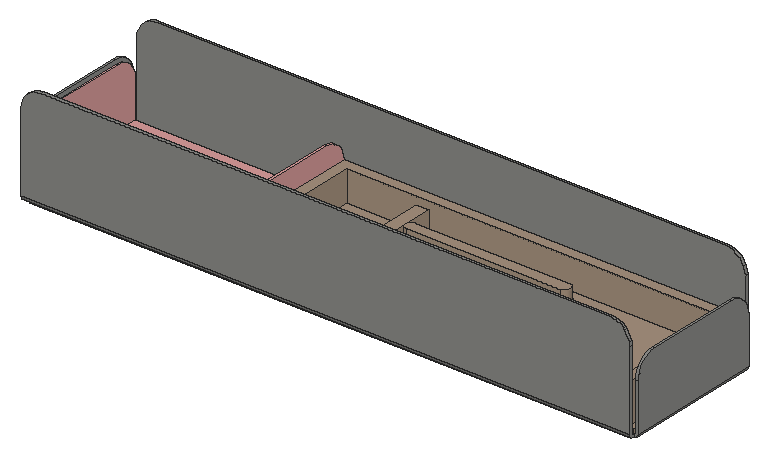
Revit family "Accessory-Teknion-EMOM-Organizers-R2016", category Furniture, Revit 2016 (continued)
Dimensions and locks (in)
  Sweep 9 sketch curve to Sweep 9 sketch curve to Sweep 9 sketch curve to Sweep 9 sketch curve to Sweep 9 sketch curve to Sweep 9 sketch curve to profile plane = 0.05657" locked, 0.500" locked, 2.33186" locked, 0.500" locked, 0.05657" locked, 0.000" locked
  Sweep 9 sketch curve to Sweep 9 sketch curve to Sweep 9 sketch curve to Sweep 9 sketch curve to Sweep 9 sketch curve to profile plane to Sweep 9 sketch curve = 0.250" locked, 0.500" locked, 0.000" locked, 1.28937" locked, 0.000" locked, 0.000" locked
  Sweep 10 sketch curve to Sweep 10 sketch curve to level = 0.11763" locked, 0.09937" locked
  locked: Sweep 10 sketch curve to plane 18 "Small Tray Right" at 0.05
  locked: plane 17 "Small Tray Left" to Sweep 10 sketch curve at 0.05
  locked: plane 20 "Small Tray Top" to Sweep 10 sketch curve at 0.0475
  locked: Sweep 10 sketch curve to plane 19 "Small Tray Bottom" at 0.0475
  locked: Sweep 11 sketch curve to level at 0.03937
  Sweep 11 sketch curve to Sweep 11 sketch curve to Sweep 11 sketch curve to Sweep 11 sketch curve to plane 19 "Small Tray Bottom" = 0.750" locked, 1.8825" locked, 0.750" locked, 0.03125" locked
  Sweep 11 sketch curve to Sweep 11 sketch curve to plane 3 "Center Left/Right" to Sweep 11 sketch curve to Sweep 11 sketch curve = 0.000" locked, 7.250" locked, 7.250" locked, 0.000" locked
  "Small Tray Divider Offset": plane 17 "Small Tray Left" to plane 21 "Small Tray Divider Offset"
  Sweep 12 sketch curve to Sweep 12 sketch curve to Sweep 12 sketch curve to Sweep 12 sketch curve to Sweep 12 sketch curve to profile plane to Sweep 12 sketch curve = 0.060" locked, 0.03125" locked, 4.9325" locked, 0.03105" locked, 0.0602" locked, 0.000" locked
  Sweep 12 sketch curve to Sweep 12 sketch curve to Sweep 12 sketch curve to Sweep 12 sketch curve to Sweep 12 sketch curve to Sweep 12 sketch curve to profile plane = 0.000" locked, 1.39495" locked, 0.000" locked, 0.03125" locked, 0.060" locked, 0.217" locked
  Sweep 13 sketch curve to plane 1 "Center Front/Back" to Sweep 13 sketch curve = 3.06375" locked, 6.62875" locked
  Sweep 13 sketch curve to Sweep 13 sketch curve to Sweep 13 sketch curve to profile plane to Sweep 13 sketch curve to Sweep 13 sketch curve to Sweep 13 sketch curve = 0.060" locked, 0.03125" locked, 7.40375" locked, 7.40375" locked, 0.03125" locked, 0.060" locked
  Sweep 13 sketch curve to Sweep 13 sketch curve to Sweep 13 sketch curve to Sweep 13 sketch curve to Sweep 13 sketch curve to Sweep 13 sketch curve to level = 0.000" locked, 1.65875" locked, 0.000" locked, 0.03125" locked, 0.060" locked, 0.03937" locked
  Sweep 14 sketch curve to plane 3 "Center Left/Right" to Sweep 14 sketch curve = 7.40375" locked, 7.40375" locked
  Sweep 14 sketch curve to Sweep 14 sketch curve to Sweep 14 sketch curve to profile plane to Sweep 14 sketch curve to Sweep 14 sketch curve to Sweep 14 sketch curve = 0.060" locked, 0.03125" locked, 6.62875" locked, 3.06375" locked, 0.03125" locked, 0.060" locked
  Sweep 14 sketch curve to Sweep 14 sketch curve to Sweep 14 sketch curve to Sweep 14 sketch curve to Sweep 14 sketch curve to Sweep 14 sketch curve to profile plane = 0.000" locked, 2.40875" locked, 0.000" locked, 0.03125" locked, 0.060" locked, 0.03937" locked
  plane 22 to plane 1 "Center Front/Back" to plane 23 = 7.000" locked, 7.000" locked
  Sweep 15 sketch curve to Sweep 15 sketch curve to Sweep 15 sketch curve to profile plane to Sweep 15 sketch curve to Sweep 15 sketch curve to Sweep 15 sketch curve = 0.11657" locked, 0.500" locked, 6.87843" locked, 6.87843" locked, 0.500" locked, 0.11657" locked
  Sweep 15 sketch curve to Sweep 15 sketch curve to Sweep 15 sketch curve to Sweep 15 sketch curve to profile plane to Sweep 15 sketch curve to Sweep 15 sketch curve = 0.67337" locked, 0.500" locked, 0.000" locked, 2.03937" locked, 0.000" locked, 0.000" locked
  Sweep 16 sketch curve to plane 3 "Center Left/Right" to Sweep 16 sketch curve = 8.000" locked, 8.000" locked
  Sweep 16 sketch curve to Sweep 16 sketch curve to Sweep 16 sketch curve to Sweep 16 sketch curve to Sweep 16 sketch curve to profile plane to Sweep 16 sketch curve = 0.250" locked, 0.500" locked, 2.315" locked, 0.500" locked, 0.065" locked, 0.185" locked
  Sweep 16 sketch curve to Sweep 16 sketch curve to Sweep 16 sketch curve to Sweep 16 sketch curve to profile plane to Sweep 16 sketch curve to Sweep 16 sketch curve = 0.79632" locked, 0.500" locked, 0.000" locked, 1.2032" locked, 0.00048", 0.000" locked
  Sweep 12 sketch curve to Sweep 12 sketch curve to plane 19 "Small Tray Bottom" = 3.315" locked, 0.065" locked
  plane 24 to plane 3 "Center Left/Right" to plane 25 = 8.000" locked, 8.000" locked
  plane 22 to Sweep 17 sketch curve to Sweep 17 sketch curve to Sweep 17 sketch curve = 0.14657" locked, 0.250" locked, 0.500" locked
  Sweep 17 sketch curve to Sweep 17 sketch curve to Sweep 17 sketch curve to plane 23 = 0.500" locked, 0.250" locked, 3.71157" locked
  Sweep 17 sketch curve to Sweep 17 sketch curve to level to Sweep 17 sketch curve to Sweep 17 sketch curve to Sweep 17 sketch curve to Sweep 17 sketch curve = 0.000" locked, 0.000" locked, 1.28937" locked, 0.000" locked, 0.500" locked, 0.21063" locked
  Sweep 18 sketch curve to Sweep 18 sketch curve to level = 0.11763" locked, 0.09937" locked
  Sweep 18 sketch curve to plane 3 "Center Left/Right" to Sweep 18 sketch curve = 7.385" locked, 7.385" locked
  Sweep 18 sketch curve to plane 1 "Center Front/Back" to Sweep 18 sketch curve = 3.0475" locked, 6.6125" locked
  plane 22 to Sweep 19 sketch curve to Sweep 19 sketch curve = 0.40245" locked, 9.6301" locked
  profile plane to Sweep 19 sketch curve to Sweep 19 sketch curve to Sweep 19 sketch curve to Sweep 19 sketch curve to Sweep 19 sketch curve to Sweep 19 sketch curve = 3.870" locked, 0.060" locked, 0.03125" locked, 3.3825" locked, 0.03125" locked, 0.060" locked
  Sweep 19 sketch curve to Sweep 19 sketch curve to Sweep 19 sketch curve to Sweep 19 sketch curve to Sweep 19 sketch curve to Sweep 19 sketch curve to profile plane = 0.000" locked, 1.39495" locked, 0.000" locked, 0.03125" locked, 0.060" locked, 0.21748" locked
  Sweep 20 sketch curve to plane 3 "Center Left/Right" to Sweep 20 sketch curve = 7.995" locked, 8.005" locked
  Sweep 20 sketch curve to Sweep 20 sketch curve to Sweep 20 sketch curve to Sweep 20 sketch curve to profile plane to Sweep 20 sketch curve to Sweep 20 sketch curve = 0.29632" locked, 0.500" locked, 0.000" locked, 1.20368" locked, 0.000" locked, 0.000" locked
  plane 22 to Sweep 20 sketch curve to Sweep 20 sketch curve to Sweep 20 sketch curve to Sweep 20 sketch curve to Sweep 20 sketch curve = 0.40245" locked, 0.500" locked, 8.6301" locked, 0.500" locked, 0.402" locked
  locked: Sweep 21 sketch curve to level at 0.03937
  Sweep 21 sketch curve to Sweep 21 sketch curve to profile plane to Sweep 21 sketch curve to Sweep 21 sketch curve = 0.750" locked, 2.31375" locked, 5.87875" locked, 0.750" locked
  Sweep 21 sketch curve to Sweep 21 sketch curve to profile plane to Sweep 21 sketch curve to Sweep 21 sketch curve = 0.000" locked, 7.250" locked, 7.250" locked, 0.000" locked
  "Medium/Large Tray Height Offset": plane 26 "Medium/Large Tray Offset" to level
  locked: plane 7 "Front" to Sweep 22 sketch curve at 0.09125
  locked: plane 6 "Back" to Sweep 22 sketch curve at 0.06
  Sweep 22 sketch curve to Sweep 22 sketch curve to Sweep 22 sketch curve to Sweep 22 sketch curve to Sweep 22 sketch curve to Sweep 22 sketch curve to plane 4 "Left" = 0.060" locked, 0.03125" locked, 9.6925" locked, 0.03125" locked, 0.060" locked, 0.000" locked
  Sweep 22 sketch curve to Sweep 22 sketch curve to Sweep 22 sketch curve to Sweep 22 sketch curve to Sweep 22 sketch curve to Sweep 22 sketch curve to plane 26 "Medium/Large Tray Offset" = 0.000" locked, 2.40875" locked, 0.000" locked, 0.03125" locked, 0.060" locked, 0.00037" locked
  Sweep 23 sketch curve to plane 4 "Left" to Sweep 23 sketch curve = 0.4375" locked, 10.3125" locked
  Sweep 23 sketch curve to Sweep 23 sketch curve to plane 7 "Front" = 0.500" locked, 0.11657" locked
  plane 6 "Back" to Sweep 23 sketch curve to Sweep 23 sketch curve = 0.11657" locked, 0.500" locked
  Sweep 23 sketch curve to Sweep 23 sketch curve to Sweep 23 sketch curve to Sweep 23 sketch curve to plane 26 "Medium/Large Tray Offset" = 0.46063" locked, 0.500" locked, 0.000" locked, 2.00037" locked
  plane 4 "Left" to Sweep 24 sketch curve to Sweep 24 sketch curve = 0.09125" locked, 9.6925" locked
  plane 6 "Back" to Sweep 24 sketch curve to Sweep 24 sketch curve to Sweep 24 sketch curve = 0.000" locked, 0.060" locked, 0.03125" locked
  Sweep 24 sketch curve to Sweep 24 sketch curve to Sweep 24 sketch curve to Sweep 24 sketch curve to Sweep 24 sketch curve to Sweep 24 sketch curve to profile plane = 0.000" locked, 1.65875" locked, 0.000" locked, 0.03125" locked, 0.060" locked, 0.00037" locked
  Sweep 24 sketch curve to Sweep 24 sketch curve to plane 7 "Front" to Sweep 24 sketch curve = 0.03125" locked, 0.060" locked, 0.000" locked
  Sweep 25 sketch curve to Sweep 25 sketch curve to Sweep 25 sketch curve to Sweep 25 sketch curve to Sweep 25 sketch curve to plane 4 "Left" to Sweep 25 sketch curve = 0.11657" locked, 0.500" locked, 8.64186" locked, 0.500" locked, 0.11657" locked, 0.000" locked
  Sweep 25 sketch curve to Sweep 25 sketch curve to Sweep 25 sketch curve to Sweep 25 sketch curve to plane 26 "Medium/Large Tray Offset" to Sweep 25 sketch curve to Sweep 25 sketch curve = 0.750" locked, 0.500" locked, 0.000" locked, 1.25037" locked, 0.03125" locked, 0.000" locked
  Sweep 26 sketch curve to Sweep 26 sketch curve to plane 26 "Medium/Large Tray Offset" = 0.11763" locked, 0.06037" locked
  locked: Sweep 26 sketch curve to plane 6 "Back" at 0.11
  locked: plane 7 "Front" to Sweep 26 sketch curve at 0.11
  plane 4 "Left" to Sweep 26 sketch curve to Sweep 26 sketch curve = 0.1075" locked, 9.660" locked
  profile plane to Sweep 27 sketch curve to Sweep 27 sketch curve to Sweep 27 sketch curve to Sweep 27 sketch curve to Sweep 27 sketch curve to Sweep 27 sketch curve = 0.060" locked, 0.060" locked, 0.03125" locked, 3.3825" locked, 0.03125" locked, 0.060" locked
  Sweep 27 sketch curve to Sweep 27 sketch curve to Sweep 27 sketch curve to Sweep 27 sketch curve to Sweep 27 sketch curve to Sweep 27 sketch curve to profile plane = 0.000" locked, 1.39495" locked, 0.000" locked, 0.03125" locked, 0.060" locked, 0.178" locked
  plane 4 "Left" to Sweep 27 sketch curve to Sweep 27 sketch curve = 0.12245" locked, 9.6301" locked
  Sweep 28 sketch curve to Sweep 28 sketch curve to Sweep 28 sketch curve to Sweep 28 sketch curve to Sweep 28 sketch curve to profile plane to Sweep 28 sketch curve = 0.12245" locked, 0.500" locked, 8.6301" locked, 0.500" locked, 0.12245" locked, 0.000" locked
  Sweep 28 sketch curve to Sweep 28 sketch curve to Sweep 28 sketch curve to Sweep 28 sketch curve to profile plane to Sweep 28 sketch curve to Sweep 28 sketch curve = 0.2968" locked, 0.500" locked, 0.000" locked, 1.1642" locked, 0.039" locked, 0.000" locked
  locked: Sweep 29 sketch curve to level at 0.03937
  plane 6 "Back" to Sweep 29 sketch curve to Sweep 29 sketch curve = 0.245" locked, 0.000" locked
  plane 7 "Front" to Sweep 29 sketch curve to Sweep 29 sketch curve = 0.245" locked, 0.000" locked
  plane 4 "Left" to Sweep 29 sketch curve to Sweep 29 sketch curve to Sweep 29 sketch curve to Sweep 29 sketch curve = 0.09125" locked, 0.750" locked, 8.1925" locked, 0.750" locked
  locked: Sweep 30 sketch curve to level at 0.031
  Sweep 30 sketch curve to Sweep 30 sketch curve to Sweep 30 sketch curve to Sweep 30 sketch curve to profile plane to Sweep 30 sketch curve to Sweep 30 sketch curve to Sweep 30 sketch curve to Sweep 30 sketch curve = 0.000" locked, 0.90551" locked, 0.000" locked, 2.98474" locked, 2.98474" locked, 0.000" locked, 0.90551" locked, 0.000" locked
  Sweep 30 sketch curve to Sweep 30 sketch curve to Sweep 30 sketch curve to Sweep 30 sketch curve to Sweep 30 sketch curve to Sweep 30 sketch curve to Sweep 30 sketch curve to Sweep 30 sketch curve to profile plane to Sweep 30 sketch curve to Sweep 30 sketch curve to Sweep 30 sketch curve to Sweep 30 sketch curve to Sweep 30 sketch curve to Sweep 30 sketch curve to Sweep 30 sketch curve to Sweep 30 sketch curve = 0.000" locked, 0.000" locked, 0.000" locked, 1.09449" locked, 0.000" locked, 0.000" locked, 0.000" locked, 9.45276" locked, 9.45276" locked, 0.000" locked, 0.000" locked, 0.000" locked, 1.09449" locked, 0.000" locked, 0.000" locked, 0.000" locked
  Sweep 31 sketch curve to Sweep 31 sketch curve to Sweep 31 sketch curve to Sweep 31 sketch curve to Sweep 31 sketch curve to Sweep 31 sketch curve to profile plane = 0.060" locked, 0.03125" locked, 9.6925" locked, 0.03125" locked, 0.060" locked, 0.500" locked
  Sweep 31 sketch curve to Sweep 31 sketch curve to Sweep 31 sketch curve to Sweep 31 sketch curve to Sweep 31 sketch curve to Sweep 31 sketch curve to profile plane = 0.000" locked, 2.40875" locked, 0.000" locked, 0.03125" locked, 0.060" locked, 0.03937" locked
  locked: Sweep 31 sketch curve to plane 22 at 0.495
  locked: plane 23 to Sweep 31 sketch curve at 0.495
  Sweep 32 sketch curve to Sweep 32 sketch curve to Sweep 32 sketch curve to profile plane to Sweep 32 sketch curve to Sweep 32 sketch curve to Sweep 32 sketch curve = 0.060" locked, 0.03125" locked, 7.40375" locked, 7.40375" locked, 0.03125" locked, 0.060" locked
  profile plane to Sweep 32 sketch curve to Sweep 32 sketch curve to Sweep 32 sketch curve to Sweep 32 sketch curve to Sweep 32 sketch curve to Sweep 32 sketch curve = 0.03937" locked, 0.060" locked, 0.03125" locked, 0.000" locked, 1.65875" locked, 0.000" locked
  Sweep 33 sketch curve to Sweep 33 sketch curve to level = 0.11763" locked, 0.09937" locked
  profile plane to Sweep 33 sketch curve to Sweep 33 sketch curve = 0.6075" locked, 9.660" locked
  Sweep 33 sketch curve to profile plane to Sweep 33 sketch curve = 7.385" locked, 7.385" locked
  locked: Sweep 34 sketch curve to level at 0.03937
  profile plane to Sweep 34 sketch curve to Sweep 34 sketch curve to Sweep 34 sketch curve to Sweep 34 sketch curve = 0.59125" locked, 0.750" locked, 8.1925" locked, 0.750" locked
  Sweep 34 sketch curve to Sweep 34 sketch curve to profile plane to Sweep 34 sketch curve to Sweep 34 sketch curve = 0.000" locked, 7.250" locked, 7.250" locked, 0.000" locked
  locked: Sweep 35 sketch curve to plane 22 at 1
  locked: plane 23 to Sweep 35 sketch curve at 1
  profile plane to Sweep 35 sketch curve to Sweep 35 sketch curve to Sweep 35 sketch curve to Sweep 35 sketch curve to Sweep 35 sketch curve to Sweep 35 sketch curve = 0.36657" locked, 0.250" locked, 0.500" locked, 8.64186" locked, 0.500" locked, 0.250" locked
  Sweep 35 sketch curve to Sweep 35 sketch curve to Sweep 35 sketch curve to Sweep 35 sketch curve to profile plane to Sweep 35 sketch curve to Sweep 35 sketch curve = 0.21063" locked, 0.500" locked, 0.000" locked, 1.28937" locked, 0.000" locked, 0.000" locked
  plane 3 "Center Left/Right" to Sweep 32 sketch curve to Sweep 32 sketch curve = 0.59125" locked, 9.6925" locked
  locked: plane 3 "Center Left/Right" to Sweep 36 sketch curve at 10.75
  Sweep 36 sketch curve to Sweep 36 sketch curve to Sweep 36 sketch curve to profile plane to Sweep 36 sketch curve to Sweep 36 sketch curve to Sweep 36 sketch curve = 0.250" locked, 0.500" locked, 6.87843" locked, 6.87843" locked, 0.500" locked, 0.250" locked
  Sweep 36 sketch curve to Sweep 36 sketch curve to Sweep 36 sketch curve to Sweep 36 sketch curve to Sweep 36 sketch curve to Sweep 36 sketch curve to profile plane = 0.46063" locked, 0.500" locked, 0.000" locked, 2.03937", 0.000" locked, 0.000"
  Masking region 1 sketch curve to plane 10 "Cork Organizer Width Offset" to Masking region 1 sketch curve to Masking region 1 sketch curve to Masking region 1 sketch curve = 0.000" locked, 0.27559" locked, 9.07882" locked, 0.27559" locked
  Masking region 1 sketch curve to Masking region 1 sketch curve to Masking region 1 sketch curve to Masking region 1 sketch curve to plane 9 "Cork Organizer Depth Offset" = 0.27559" locked, 2.76382" locked, 0.27559" locked, 0.000" locked
  plane 10 "Cork Organizer Width Offset" to Masking region 2 sketch curve to Masking region 2 sketch curve to Masking region 2 sketch curve to Masking region 2 sketch curve to Masking region 2 sketch curve to Masking region 2 sketch curve to Masking region 2 sketch curve to Masking region 2 sketch curve to Masking region 2 sketch curve to Masking region 2 sketch curve to Masking region 2 sketch curve to Masking region 2 sketch curve to Masking region 2 sketch curve to Masking region 2 sketch curve to Masking region 2 sketch curve to Masking region 2 sketch curve = 0.27559" locked, 0.000" locked, 0.0253" locked, 0.000" locked, 1.65922" locked, 0.000" locked, 0.0253" locked, 0.000" locked, 0.27559" locked, 0.000" locked, 0.0253" locked, 0.000" locked, 7.04283" locked, 0.000" locked, 0.0253" locked, 0.000" locked
  Masking region 2 sketch curve to Masking region 2 sketch curve to Masking region 2 sketch curve to Masking region 2 sketch curve to Masking region 2 sketch curve to Masking region 2 sketch curve to Masking region 2 sketch curve to Masking region 2 sketch curve to plane 9 "Cork Organizer Depth Offset" = 0.000" locked, 0.0253" locked, 0.000" locked, 2.71323" locked, 0.000" locked, 0.0253" locked, 0.000" locked, 0.27559" locked
  plane 10 "Cork Organizer Width Offset" to Masking region 3 sketch curve to Masking region 3 sketch curve to Masking region 3 sketch curve to Masking region 3 sketch curve to Masking region 3 sketch curve to Masking region 3 sketch curve to Masking region 3 sketch curve to Masking region 3 sketch curve to Masking region 3 sketch curve to Masking region 3 sketch curve = 0.27559" locked, 0.0253" locked, 1.65922" locked, 0.0253" locked, 0.27559" locked, 0.000" locked, 0.0253" locked, 0.000" locked, 7.04283" locked, 0.0253" locked
  Masking region 3 sketch curve to Masking region 3 sketch curve to Masking region 3 sketch curve to Masking region 3 sketch curve to Masking region 3 sketch curve to Masking region 3 sketch curve to Masking region 3 sketch curve to Masking region 3 sketch curve to Masking region 3 sketch curve to Masking region 3 sketch curve to Masking region 3 sketch curve to Masking region 3 sketch curve to Masking region 3 sketch curve to Masking region 3 sketch curve to Masking region 3 sketch curve to Masking region 3 sketch curve to Masking region 3 sketch curve to Masking region 3 sketch curve to Masking region 3 sketch curve to Masking region 3 sketch curve to plane 9 "Cork Organizer Depth Offset" = 0.000" locked, 0.000" locked, 0.000" locked, 0.0253" locked, 0.000" locked, 0.000" locked, 0.000" locked, 1.18308" locked, 0.0253" locked, 0.29647" locked, 0.0253" locked, 1.18308" locked, 0.000" locked, 0.000" locked, 0.000" locked, 0.0253" locked, 0.000" locked, 0.000" locked, 0.000" locked, 0.27559" locked
  plane 10 "Cork Organizer Width Offset" to Masking region 4 sketch curve to Masking region 4 sketch curve = 0.30089" locked, 1.65922" locked
  Masking region 4 sketch curve to Masking region 4 sketch curve to plane 9 "Cork Organizer Depth Offset" = 2.71323" locked, 0.30089" locked
  plane 10 "Cork Organizer Width Offset" to Masking region 5 sketch curve to Masking region 5 sketch curve to Masking region 5 sketch curve to Masking region 5 sketch curve to Masking region 5 sketch curve = 2.28629" locked, 0.000" locked, 4.39092" locked, 0.000" locked, 2.65191" locked
  Masking region 5 sketch curve to Masking region 5 sketch curve to Masking region 5 sketch curve to Masking region 5 sketch curve to plane 9 "Cork Organizer Depth Offset" = 1.18308" locked, 0.34707" locked, 1.18308" locked, 0.30089" locked
  plane 9 "Cork Organizer Depth Offset" to Masking region 6 sketch curve to Masking region 6 sketch curve = 1.5197" locked, 0.27559" locked
  plane 10 "Cork Organizer Width Offset" to Masking region 6 sketch curve to Masking region 6 sketch curve to Masking region 6 sketch curve to Masking region 6 sketch curve = 2.9528" locked, 0.000" locked, 3.72441" locked, 0.000" locked
  plane 10 "Cork Organizer Width Offset" to Masking region 9 sketch curve to Masking region 9 sketch curve to Masking region 9 sketch curve to Masking region 9 sketch curve to Masking region 9 sketch curve = 1.9854" locked, 0.27559" locked, 0.000" locked, 0.6472" locked, 0.000" locked
  plane 9 "Cork Organizer Depth Offset" to Masking region 9 sketch curve to Masking region 9 sketch curve to Masking region 9 sketch curve to Masking region 9 sketch curve = 0.27559" locked, 1.23367" locked, 0.29647" locked, 1.23367" locked
  plane 10 "Cork Organizer Width Offset" to Masking region 8 sketch curve to Masking region 8 sketch curve to Masking region 8 sketch curve to Masking region 8 sketch curve to Masking region 8 sketch curve to Masking region 8 sketch curve = 2.90819" locked, 0.000" locked, 0.0446" locked, 0.000" locked, 0.03513" locked, 0.000" locked
  Masking region 8 sketch curve to Masking region 8 sketch curve to Masking region 8 sketch curve to Masking region 8 sketch curve to plane 9 "Cork Organizer Depth Offset" = 0.01044" locked, 0.27559" locked, 0.01044" locked, 1.50926" locked
  Masking region 7 sketch curve to Masking region 7 sketch curve to Masking region 7 sketch curve to Masking region 7 sketch curve to Masking region 7 sketch curve to Masking region 7 sketch curve to plane 9 "Cork Organizer Depth Offset" = 0.0253" locked, 0.01044" locked, 0.27559" locked, 0.01044" locked, 0.0253" locked, 1.48397" locked
  plane 10 "Cork Organizer Width Offset" to Masking region 7 sketch curve to Masking region 7 sketch curve to Masking region 7 sketch curve to Masking region 7 sketch curve to Masking region 7 sketch curve to Masking region 7 sketch curve to Masking region 7 sketch curve to Masking region 7 sketch curve to Masking region 7 sketch curve to Masking region 7 sketch curve to Masking region 7 sketch curve to Masking region 7 sketch curve = 2.26099" locked, 0.000" locked, 0.0253" locked, 0.000" locked, 0.66651" locked, 0.000" locked, 0.03513" locked, 0.000" locked, 3.68928" locked, 0.000" locked, 0.000" locked, 0.000" locked
  plane 21 "Small Tray Divider Offset" to Masking region 10 sketch curve to Masking region 10 sketch curve to Masking region 10 sketch curve to Masking region 10 sketch curve = 0.000" locked, 0.0602" locked, 4.9948" locked, 0.060" locked
  plane 9 "Cork Organizer Depth Offset" to Masking region 10 sketch curve to Masking region 10 sketch curve to Masking region 10 sketch curve to Masking region 10 sketch curve = 0.000" locked, 0.000" locked, 3.315" locked, 0.000" locked
  plane 21 "Small Tray Divider Offset" to Masking region 11 sketch curve to Masking region 11 sketch curve = 0.0602" locked, 4.9948" locked
  plane 9 "Cork Organizer Depth Offset" to Masking region 11 sketch curve to Masking region 11 sketch curve = 0.000" locked, 3.315" locked
  Masking region 12 sketch curve to Masking region 12 sketch curve to Masking region 12 sketch curve to Masking region 12 sketch curve to Masking region 12 sketch curve to Masking region 12 sketch curve to Masking region 12 sketch curve to Masking region 12 sketch curve to Masking region 12 sketch curve to Masking region 12 sketch curve to plane 3 "Center Left/Right" to Masking region 12 sketch curve to Masking region 12 sketch curve to Masking region 12 sketch curve to Masking region 12 sketch curve to Masking region 12 sketch curve to Masking region 12 sketch curve to Masking region 12 sketch curve to Masking region 12 sketch curve to Masking region 12 sketch curve to Masking region 12 sketch curve = 0.060" locked, 0.0475" locked, 0.00907" locked, 0.000" locked, 9.64186" locked, 0.000" locked, 0.00907" locked, 0.0475" locked, 0.060" locked, 0.500" locked, 0.500" locked, 0.060" locked, 0.0475" locked, 0.00907" locked, 0.000" locked, 9.64186" locked, 0.000" locked, 0.00907" locked, 0.0475" locked, 0.060" locked
  Masking region 12 sketch curve to Masking region 12 sketch curve to Masking region 12 sketch curve to Masking region 12 sketch curve to Masking region 12 sketch curve to Masking region 12 sketch curve to Masking region 12 sketch curve to Masking region 12 sketch curve to Masking region 12 sketch curve to Masking region 12 sketch curve to plane 1 "Center Front/Back" to Masking region 12 sketch curve to Masking region 12 sketch curve to Masking region 12 sketch curve to Masking region 12 sketch curve to Masking region 12 sketch curve to Masking region 12 sketch curve to Masking region 12 sketch curve to Masking region 12 sketch curve to Masking region 12 sketch curve to Masking region 12 sketch curve = 0.000" locked, 0.060" locked, 0.000" locked, 0.050" locked, 0.000" locked, 0.00657" locked, 0.000" locked, 0.000" locked, 0.000" locked, 7.37843" locked, 7.37843" locked, 0.000" locked, 0.000" locked, 0.000" locked, 0.00657" locked, 0.000" locked, 0.050" locked, 0.000" locked, 0.060" locked, 0.000" locked
  Masking region 13 sketch curve to Masking region 13 sketch curve to Masking region 13 sketch curve to Masking region 13 sketch curve to Masking region 13 sketch curve to Masking region 13 sketch curve to Masking region 13 sketch curve to Masking region 13 sketch curve to plane 3 "Center Left/Right" to Masking region 13 sketch curve to Masking region 13 sketch curve to Masking region 13 sketch curve to Masking region 13 sketch curve to Masking region 13 sketch curve to Masking region 13 sketch curve to Masking region 13 sketch curve to Masking region 13 sketch curve = 0.0475" locked, 0.00907" locked, 0.000" locked, 9.64186" locked, 0.000" locked, 0.00907" locked, 0.0475" locked, 0.560" locked, 0.560" locked, 0.0475" locked, 0.00907" locked, 0.000" locked, 9.64186" locked, 0.000" locked, 0.00907" locked, 0.0475" locked
  Masking region 13 sketch curve to Masking region 13 sketch curve to Masking region 13 sketch curve to Masking region 13 sketch curve to Masking region 13 sketch curve to Masking region 13 sketch curve to Masking region 13 sketch curve to Masking region 13 sketch curve to plane 1 "Center Front/Back" to Masking region 13 sketch curve to Masking region 13 sketch curve to Masking region 13 sketch curve to Masking region 13 sketch curve to Masking region 13 sketch curve to Masking region 13 sketch curve to Masking region 13 sketch curve to Masking region 13 sketch curve = 0.000" locked, 0.050" locked, 0.000" locked, 0.00657" locked, 0.000" locked, 0.000" locked, 0.000" locked, 7.37843" locked, 7.37843" locked, 0.000" locked, 0.000" locked, 0.000" locked, 0.00657" locked, 0.000" locked, 0.050" locked, 0.000" locked
  Masking region 14 sketch curve to Masking region 14 sketch curve to Masking region 14 sketch curve to Masking region 14 sketch curve to plane 3 "Center Left/Right" to Masking region 14 sketch curve to Masking region 14 sketch curve to Masking region 14 sketch curve to Masking region 14 sketch curve = 0.060" locked, 0.05657" locked, 0.000" locked, 7.37843" locked, 7.37843" locked, 0.000" locked, 0.05657" locked, 0.060" locked
  Masking region 14 sketch curve to Masking region 14 sketch curve to Masking region 14 sketch curve to Masking region 14 sketch curve to plane 1 "Center Front/Back" to Masking region 14 sketch curve to Masking region 14 sketch curve to Masking region 14 sketch curve to Masking region 14 sketch curve = 0.060" locked, 0.05657" locked, 0.000" locked, 1.66593" locked, 1.66593" locked, 0.000" locked, 0.05657" locked, 0.060" locked
  Masking region 16 sketch curve to Masking region 16 sketch curve to plane 3 "Center Left/Right" to Masking region 16 sketch curve to Masking region 16 sketch curve to Masking region 16 sketch curve to Masking region 16 sketch curve = 0.000" locked, 7.37843" locked, 7.37843" locked, 0.000" locked, 0.00657" locked, 0.050" locked
  Masking region 16 sketch curve to Masking region 16 sketch curve to Masking region 16 sketch curve to plane 1 "Center Front/Back" to Masking region 16 sketch curve to Masking region 16 sketch curve to Masking region 16 sketch curve = 0.0475" locked, 0.00907" locked, 1.66593" locked, 1.66593" locked, 0.00907" locked, 0.0475" locked
  Masking region 15 sketch curve to Masking region 15 sketch curve to plane 3 "Center Left/Right" to Masking region 15 sketch curve to Masking region 15 sketch curve = 0.026" locked, 2.294" locked, 7.336" locked, 0.049" locked
  Masking region 15 sketch curve to Masking region 15 sketch curve to plane 1 "Center Front/Back" to Masking region 15 sketch curve to Masking region 15 sketch curve = 0.0175" locked, 1.6575" locked, 1.6575" locked, 0.0175" locked
  Masking region 17 sketch curve to Masking region 17 sketch curve to Masking region 17 sketch curve to Masking region 17 sketch curve to Masking region 17 sketch curve to Masking region 17 sketch curve to Masking region 17 sketch curve to Masking region 17 sketch curve to Masking region 17 sketch curve to plane 3 "Center Left/Right" to Masking region 17 sketch curve to Masking region 17 sketch curve to Masking region 17 sketch curve to Masking region 17 sketch curve to Masking region 17 sketch curve to Masking region 17 sketch curve to Masking region 17 sketch curve to Masking region 17 sketch curve to Masking region 17 sketch curve = 0.000" locked, 0.060" locked, 0.000" locked, 0.050" locked, 0.00657" locked, 0.000" locked, 0.000" locked, 0.04443" locked, 7.334" locked, 2.296" locked, 0.024" locked, 5.05843" locked, 0.000" locked, 0.000" locked, 0.05657" locked, 0.000" locked, 0.060" locked, 0.000" locked
  Masking region 17 sketch curve to Masking region 17 sketch curve to Masking region 17 sketch curve to Masking region 17 sketch curve to Masking region 17 sketch curve to Masking region 17 sketch curve to Masking region 17 sketch curve to Masking region 17 sketch curve to Masking region 17 sketch curve to Masking region 17 sketch curve to Masking region 17 sketch curve to Masking region 17 sketch curve to Masking region 17 sketch curve to Masking region 17 sketch curve to plane 1 "Center Front/Back" to Masking region 17 sketch curve to Masking region 17 sketch curve to Masking region 17 sketch curve to Masking region 17 sketch curve = 0.060" locked, 0.0475" locked, 0.00907" locked, 0.000" locked, 0.00843" locked, 3.315" locked, 0.00843" locked, 0.000" locked, 0.00907" locked, 0.1075" locked, 0.060" locked, 0.05657" locked, 0.000" locked, 3.03843" locked, 6.60343" locked, 0.000" locked, 0.05657" locked, 0.060" locked
  Masking region 18 sketch curve to Masking region 18 sketch curve to Masking region 18 sketch curve to Masking region 18 sketch curve to Masking region 18 sketch curve to Masking region 18 sketch curve to Masking region 18 sketch curve to Masking region 18 sketch curve to Masking region 18 sketch curve to Masking region 18 sketch curve to plane 3 "Center Left/Right" to Masking region 18 sketch curve to Masking region 18 sketch curve to Masking region 18 sketch curve to Masking region 18 sketch curve to Masking region 18 sketch curve to Masking region 18 sketch curve = 0.000" locked, 0.050" locked, 0.00657" locked, 0.000" locked, 0.000" locked, 0.000" locked, 0.00343" locked, 3.445" locked, 0.060" locked, 3.870" locked, 7.37843" locked, 0.000" locked, 0.000" locked, 0.000" locked, 0.00657" locked, 0.050" locked
  Masking region 19 sketch curve to Masking region 19 sketch curve to Masking region 19 sketch curve to Masking region 19 sketch curve to plane 3 "Center Left/Right" to Masking region 19 sketch curve to Masking region 19 sketch curve = 0.00343" locked, 3.445" locked, 0.060" locked, 3.870" locked, 7.37843" locked, 0.00657" locked
  Masking region 19 sketch curve to Masking region 19 sketch curve to Masking region 19 sketch curve to Masking region 19 sketch curve to plane 1 "Center Front/Back" to Masking region 19 sketch curve to Masking region 19 sketch curve = 0.060" locked, 0.1075" locked, 0.01495" locked, 3.03255" locked, 6.59755", 0.01495" locked
  Masking region 18 sketch curve to Masking region 18 sketch curve to Masking region 18 sketch curve to Masking region 18 sketch curve to Masking region 18 sketch curve to plane 1 "Center Front/Back" to Masking region 18 sketch curve to Masking region 18 sketch curve to Masking region 18 sketch curve to Masking region 18 sketch curve to Masking region 18 sketch curve to Masking region 18 sketch curve to Masking region 18 sketch curve to Masking region 18 sketch curve to Masking region 18 sketch curve to Masking region 18 sketch curve to Masking region 18 sketch curve = 0.0475" locked, 0.00907" locked, 0.00588" locked, 0.000" locked, 6.59755" locked, 3.03255" locked, 0.000" locked, 0.00588" locked, 0.00907" locked, 0.0475" locked, 0.120" locked, 0.0475" locked, 0.00907" locked, 3.33078" locked, 0.01015" locked, 0.0475" locked
  Masking region 20 sketch curve to Masking region 20 sketch curve to Masking region 20 sketch curve to Masking region 20 sketch curve to Masking region 20 sketch curve to Masking region 20 sketch curve to plane 3 "Center Left/Right" to Masking region 20 sketch curve to Masking region 20 sketch curve to Masking region 20 sketch curve to Masking region 20 sketch curve to Masking region 20 sketch curve to Masking region 20 sketch curve to Masking region 20 sketch curve = 0.060" locked, 0.0475" locked, 0.00907" locked, 0.000" locked, 0.00588" locked, 4.81505" locked, 4.81505" locked, 0.000" locked, 0.00588" locked, 0.000" locked, 0.00907" locked, 0.0475" locked, 0.060" locked
  Masking region 20 sketch curve to Masking region 20 sketch curve to Masking region 20 sketch curve to Masking region 20 sketch curve to Masking region 20 sketch curve to plane 1 "Center Front/Back" to Masking region 20 sketch curve to Masking region 20 sketch curve to Masking region 20 sketch curve to Masking region 20 sketch curve to Masking region 20 sketch curve to Masking region 20 sketch curve to Masking region 20 sketch curve to Masking region 20 sketch curve to Masking region 20 sketch curve = 0.060" locked, 0.050" locked, 0.00657" locked, 0.000" locked, 7.37843" locked, 3.870" locked, 0.060" locked, 0.065" locked, 3.315" locked, 0.065" locked, 0.00343" locked, 0.000" locked, 0.05657" locked, 0.060" locked
  Masking region 21 sketch curve to Masking region 21 sketch curve to Masking region 21 sketch curve to Masking region 21 sketch curve to Masking region 21 sketch curve to plane 3 "Center Left/Right" to Masking region 21 sketch curve to Masking region 21 sketch curve to Masking region 21 sketch curve to Masking region 21 sketch curve to Masking region 21 sketch curve = 0.0475" locked, 0.00907" locked, 0.00588" locked, 0.000" locked, 4.81505" locked, 4.81505" locked, 0.000" locked, 0.00588" locked, 0.00907" locked, 0.0475" locked
  Masking region 21 sketch curve to Masking region 21 sketch curve to Masking region 21 sketch curve to Masking region 21 sketch curve to plane 1 "Center Front/Back" to Masking region 21 sketch curve to Masking region 21 sketch curve to Masking region 21 sketch curve to Masking region 21 sketch curve to Masking region 21 sketch curve to Masking region 21 sketch curve = 0.050" locked, 0.00657" locked, 0.000" locked, 7.37843" locked, 3.870" locked, 0.060" locked, 3.445" locked, 0.00343" locked, 0.000" locked, 0.05657" locked
  Masking region 22 sketch curve to Masking region 22 sketch curve to Masking region 22 sketch curve to Masking region 22 sketch curve to Masking region 22 sketch curve to Masking region 22 sketch curve to Masking region 22 sketch curve to plane 1 "Center Front/Back" to Masking region 22 sketch curve to Masking region 22 sketch curve to Masking region 22 sketch curve to Masking region 22 sketch curve to Masking region 22 sketch curve to Masking region 22 sketch curve to Masking region 22 sketch curve = 0.060" locked, 0.05657" locked, 0.000" locked, 0.00343" locked, 3.445" locked, 0.060" locked, 8.375" locked, 1.686" locked, 3.315" locked, 6.88243" locked, 0.000" locked, 0.00657" locked, 0.050" locked, 0.060" locked
  Masking region 22 sketch curve to Masking region 22 sketch curve to Masking region 22 sketch curve to Masking region 22 sketch curve to Masking region 22 sketch curve to Masking region 22 sketch curve to Masking region 22 sketch curve to plane 3 "Center Left/Right" to Masking region 22 sketch curve to Masking region 22 sketch curve to Masking region 22 sketch curve to Masking region 22 sketch curve to Masking region 22 sketch curve to Masking region 22 sketch curve to Masking region 22 sketch curve = 0.060" locked, 0.0475" locked, 0.00907" locked, 0.000" locked, 0.00588" locked, 0.00055" locked, 4.8145" locked, 4.81505" locked, 0.00045" locked, 0.00543" locked, 0.000" locked, 0.00907" locked, 0.0475" locked, 0.060" locked
  Masking region 23 sketch curve to Masking region 23 sketch curve to Masking region 23 sketch curve to Masking region 23 sketch curve to Masking region 23 sketch curve to Masking region 23 sketch curve to Masking region 23 sketch curve to Masking region 23 sketch curve to Masking region 23 sketch curve to Masking region 23 sketch curve = 0.0475" locked, 0.00907" locked, 0.00588" locked, 0.000" locked, 9.6301" locked, 0.000" locked, 0.00588" locked, 0.00907" locked, 0.0475" locked
  Masking region 23 sketch curve to Masking region 23 sketch curve to Masking region 23 sketch curve to Masking region 23 sketch curve to Masking region 23 sketch curve to Masking region 23 sketch curve to Masking region 23 sketch curve to Masking region 23 sketch curve to Masking region 23 sketch curve = 0.05657" locked, 0.00343" locked, 3.445" locked, 0.060" locked, 20.25843" locked, 0.000" locked, 0.00657" locked, 0.050" locked
  curve 9 to curve 3 to curve 11 to curve 1 to plane 3 "Center Left/Right" to curve 13 to curve 5 to curve 15 to curve 7 = 0.000" locked, 0.90551" locked, 0.000" locked, 2.98474" locked, 2.98474" locked, 0.000" locked, 0.90551" locked, 0.000" locked
  curve 3 to curve 2 to curve 8 to curve 8 to curve 4 to curve 4 to curve 6 to curve 7 to plane 1 "Center Front/Back" to curve 12 to curve 12 to curve 16 to curve 16 to curve 10 to curve 11 to curve 14 to curve 15 = 0.000" locked, 0.000" locked, 0.000" locked, 1.09449" locked, 0.000" locked, 0.000" locked, 0.000" locked, 9.45276" locked, 9.45276" locked, 0.000" locked, 0.000" locked, 0.000" locked, 1.09449" locked, 0.000" locked, 0.000" locked, 0.000" locked
  curve 18 to curve 20 to plane 3 "Center Left/Right" to curve 22 to curve 24 = 0.750" locked, 4.09625" locked, 4.09625" locked, 0.750" locked
  curve 19 to curve 23 to plane 1 "Center Front/Back" to curve 17 to curve 21 = 0.000" locked, 7.250" locked, 7.250" locked, 0.000" locked
  curve 39 to curve 37 to curve 35 to curve 33 to curve 31 to curve 29 to plane 1 "Center Front/Back" to curve 27 to curve 25 = 0.750" locked, 1.8825" locked, 0.750" locked, 0.1825" locked, 0.750" locked, 2.31375" locked, 5.87875" locked, 0.750" locked
  curve 26 to curve 30 to curve 36 to curve 38 to plane 3 "Center Left/Right" to curve 28 to curve 32 to curve 34 to curve 40 = 0.000" locked, 0.000" locked, 0.000" locked, 7.250" locked, 7.250" locked, 0.000" locked, 0.000" locked, 0.000" locked
  curve 47 to curve 45 to plane 1 "Center Front/Back" to curve 43 to curve 41 = 0.750" locked, 0.94125" locked, 0.94125" locked, 0.750" locked
  curve 42 to curve 46 to plane 3 "Center Left/Right" to curve 44 to curve 48 = 0.000" locked, 7.250" locked, 7.250" locked, 0.000" locked
  curve 50 to curve 52 to curve 54 to curve 56 to plane 3 "Center Left/Right" to curve 58 to curve 60 to curve 62 to curve 64 = 0.750" locked, 8.1925" locked, 0.750" locked, 0.59125" locked, 0.59125" locked, 0.750" locked, 8.1925" locked, 0.750" locked
  curve 51 to curve 55 to curve 59 to curve 63 to plane 1 "Center Front/Back" to curve 49 to curve 53 to curve 57 to curve 61 = 0.000" locked, 0.000" locked, 0.000" locked, 7.250" locked, 7.250" locked, 0.000" locked, 0.000" locked, 0.000" locked
  aligned and locked: level to plane 2
  aligned and locked: plane 12 to Sweep 1 sketch curve
  aligned and locked: plane 11 "Cork Organizer Height Offset" to Sweep 1 sketch curve
  aligned and locked: plane 3 "Center Left/Right" to Sweep 1 sketch curve
  aligned and locked: plane 1 "Center Front/Back" to Sweep 1 sketch curve
  aligned and locked: plane 15 to SweptBlend 2 sketch curve
  aligned and locked: plane 12 to SweptBlend 2 sketch curve
  aligned and locked: plane 3 "Center Left/Right" to SweptBlend 2 sketch curve
  aligned and locked: plane 1 "Center Front/Back" to SweptBlend 2 sketch curve
  aligned and locked: SweptBlend 2 sketch curve to plane 10 "Cork Organizer Width Offset"
  aligned and locked: plane 9 "Cork Organizer Depth Offset" to SweptBlend 2 sketch curve
  aligned and locked: plane 15 to SweptBlend 3 sketch curve
  aligned and locked: plane 13 to SweptBlend 3 sketch curve
  aligned and locked: plane 3 "Center Left/Right" to SweptBlend 3 sketch curve
  aligned and locked: plane 1 "Center Front/Back" to SweptBlend 3 sketch curve
  aligned and locked: plane 14 to SweptBlend 4 sketch curve
  aligned and locked: plane 13 to SweptBlend 4 sketch curve
  aligned and locked: plane 3 "Center Left/Right" to SweptBlend 4 sketch curve
  aligned and locked: plane 1 "Center Front/Back" to SweptBlend 4 sketch curve
  aligned and locked: plane 16 to SweptBlend 5 sketch curve
  aligned and locked: plane 13 to SweptBlend 5 sketch curve
  aligned and locked: plane 3 "Center Left/Right" to SweptBlend 5 sketch curve
  aligned and locked: plane 1 "Center Front/Back" to SweptBlend 5 sketch curve
  aligned and locked: Sweep 6 sketch curve to plane 3 "Center Left/Right"
  aligned and locked: Sweep 6 sketch curve to level
  aligned and locked: plane 17 "Small Tray Left" to Sweep 6 sketch curve
  aligned and locked: plane 18 "Small Tray Right" to Sweep 6 sketch curve
  aligned and locked: plane 1 "Center Front/Back" to Sweep 7 sketch curve
  aligned and locked: Sweep 7 sketch curve to level
  aligned and locked: Sweep 7 sketch curve to plane 7 "Front"
  aligned and locked: Sweep 7 sketch curve to plane 19 "Small Tray Bottom"
  aligned and locked: plane 20 "Small Tray Top" to Sweep 7 sketch curve
  aligned and locked: Sweep 8 sketch curve to plane 3 "Center Left/Right"
  aligned and locked: plane 7 "Front" to Sweep 8 sketch curve
  aligned and locked: plane 6 "Back" to Sweep 8 sketch curve
  aligned and locked: Sweep 8 sketch curve to level  (x2)
  aligned and locked: level to Sweep 8 sketch curve
  aligned and locked: Sweep 9 sketch curve to plane 19 "Small Tray Bottom"
  aligned and locked: Sweep 9 sketch curve to level
  aligned and locked: plane 3 "Center Left/Right" to Sweep 10 sketch curve
  aligned and locked: plane 1 "Center Front/Back" to Sweep 10 sketch curve
  aligned and locked: plane 3 "Center Left/Right" to Sweep 11 sketch curve
  aligned and locked: level to Sweep 11 sketch curve
  aligned and locked: plane 1 "Center Front/Back" to Sweep 11 sketch curve
  aligned and locked: Sweep 12 sketch curve to plane 21 "Small Tray Divider Offset"
  aligned and locked: level to Sweep 12 sketch curve
  aligned and locked: plane 3 "Center Left/Right" to Sweep 13 sketch curve
  aligned and locked: level to Sweep 13 sketch curve
  aligned and locked: Sweep 14 sketch curve to plane 1 "Center Front/Back"
  aligned and locked: level to Sweep 14 sketch curve
  aligned and locked: plane 22 to Sweep 15 sketch curve
  aligned and locked: plane 3 "Center Left/Right" to Sweep 15 sketch curve
  aligned and locked: plane 23 to Sweep 15 sketch curve
  aligned and locked: level to Sweep 15 sketch curve
  aligned and locked: plane 19 "Small Tray Bottom" to Sweep 16 sketch curve
  aligned and locked: level to Sweep 16 sketch curve
  aligned and locked: plane 24 to Sweep 17 sketch curve
  aligned and locked: plane 25 to Sweep 17 sketch curve
  aligned and locked: plane 1 "Center Front/Back" to Sweep 17 sketch curve
  aligned and locked: Sweep 17 sketch curve to level
  aligned and locked: plane 3 "Center Left/Right" to Sweep 18 sketch curve
  aligned and locked: plane 3 "Center Left/Right" to Sweep 19 sketch curve
  aligned and locked: level to Sweep 19 sketch curve
  aligned and locked: plane 1 "Center Front/Back" to Sweep 20 sketch curve
  aligned and locked: Sweep 20 sketch curve to level
  aligned and locked: Sweep 20 sketch curve to plane 22
  aligned and locked: plane 3 "Center Left/Right" to Sweep 21 sketch curve
  aligned and locked: level to Sweep 21 sketch curve
  aligned and locked: plane 1 "Center Front/Back" to Sweep 21 sketch curve
  aligned and locked: Sweep 22 sketch curve to plane 3 "Center Left/Right"
  aligned and locked: Sweep 22 sketch curve to level
  aligned and locked: Sweep 23 sketch curve to plane 6 "Back"
  aligned and locked: Sweep 23 sketch curve to plane 7 "Front"
  aligned and locked: plane 1 "Center Front/Back" to Sweep 23 sketch curve
  aligned and locked: Sweep 23 sketch curve to plane 26 "Medium/Large Tray Offset"
  aligned and locked: Sweep 23 sketch curve to level
  aligned and locked: level to Sweep 23 sketch curve
  aligned and locked: plane 1 "Center Front/Back" to Sweep 24 sketch curve
  aligned and locked: plane 6 "Back" to Sweep 25 sketch curve
  aligned and locked: plane 7 "Front" to Sweep 25 sketch curve
  aligned and locked: Sweep 25 sketch curve to plane 3 "Center Left/Right"
  aligned and locked: plane 3 "Center Left/Right" to Sweep 26 sketch curve
  aligned and locked: plane 1 "Center Front/Back" to Sweep 26 sketch curve
  aligned and locked: Sweep 27 sketch curve to plane 6 "Back"
  aligned and locked: plane 4 "Left" to Sweep 28 sketch curve
  aligned and locked: plane 6 "Back" to Sweep 28 sketch curve
  aligned and locked: plane 7 "Front" to Sweep 28 sketch curve
  aligned and locked: level to Sweep 29 sketch curve
  aligned and locked: plane 3 "Center Left/Right" to Sweep 29 sketch curve
  aligned and locked: plane 3 "Center Left/Right" to Sweep 30 sketch curve
  aligned and locked: level to Sweep 30 sketch curve
  aligned and locked: plane 1 "Center Front/Back" to Sweep 30 sketch curve
  aligned and locked: plane 3 "Center Left/Right" to Sweep 31 sketch curve
  aligned and locked: plane 1 "Center Front/Back" to Sweep 32 sketch curve
  aligned and locked: plane 3 "Center Left/Right" to Sweep 33 sketch curve
  aligned and locked: plane 3 "Center Left/Right" to Sweep 34 sketch curve
  aligned and locked: level to Sweep 34 sketch curve
  aligned and locked: Sweep 35 sketch curve to plane 3 "Center Left/Right"
  aligned and locked: plane 3 "Center Left/Right" to Sweep 36 sketch curve
  aligned and locked: plane 1 "Center Front/Back" to Sweep 36 sketch curve
  aligned and locked: Sweep 15 to plane 2
  aligned and locked: Sweep 35 to level
  aligned and locked: Sweep 17 to plane 2
  aligned and locked: Sweep 36 to level
  aligned and locked: curve 69 to cut or joined group of Sweep 1, SweptBlend 2, SweptBlend 3, SweptBlend 4, SweptBlend 5
  aligned and locked: curve 70 to cut or joined group of Sweep 1, SweptBlend 2, SweptBlend 3, SweptBlend 4, SweptBlend 5
  aligned and locked: curve 71 to cut or joined group of Sweep 1, SweptBlend 2, SweptBlend 3, SweptBlend 4, SweptBlend 5
  aligned and locked: curve 72 to cut or joined group of Sweep 1, SweptBlend 2, SweptBlend 3, SweptBlend 4, SweptBlend 5
Automatic sketch dimensions
  plane 19 "Small Tray Bottom" to Sweep 6 sketch curve = 0.03125"
  Sweep 6 sketch curve to plane 20 "Small Tray Top" = 0.03125"
  plane 17 "Small Tray Left" to Sweep 7 sketch curve = 0.03125"
  plane 18 "Small Tray Right" to Sweep 7 sketch curve = 0.03125"
  Sweep 11 sketch curve to Sweep 11 sketch curve = 0.03937"
  plane 19 "Small Tray Bottom" to Sweep 22 sketch curve = 0.03125"
  Sweep 22 sketch curve to plane 6 "Back" = 0.060"
  Masking region 8 sketch curve to Masking region 8 sketch curve = 0.000"  (x2)
  Masking region 9 sketch curve to Masking region 9 sketch curve = 0.0446"
  Masking region 20 sketch curve to Masking region 20 sketch curve = 0.01495"
  plane 19 "Small Tray Bottom" to Masking region 23 sketch curve = 0.05657"
  plane 18 "Small Tray Right" to Masking region 23 sketch curve = 12.3125"
  Masking region 23 sketch curve to Masking region 23 sketch curve = 0.00343"
Types (7): name | Width | Small Tray Divider Offset | Small Tray | ST | Model | Mini Cabinet Tray | Medium/Large Tray Height Offset | Medium/Large Tray Divider | Medium/Large Tray | Medium Tray Feet | MT | M2 | Large Tray Feet | LT | Double Medium Tray | Description | Depth | Cork Organizer Width Offset | Cork Organizer Height Offset | Cork Organizer | Cork Organizer Depth Offset | CT | CO
  (no name) | 14.990" | 0.000" | yes | yes | "EMOMST" | no | 0.039" | no | no | no | no | no | no | no | no | "Emote Organizers, Small Tray Bundle" | 3.565" | 5.201" | 0.217" | yes | 0.125" | no | no
  Large Tray Bundle | 9.875" | 9.755" | no | no | "EMOMLT" | no | 0.031" | yes | yes | no | no | no | yes | yes | no | "Emote Organizers, Large Tray Bundle" | 24.000" | 0.123" | 0.209" | yes | 13.686" | no | no
  Medium Tray Bundle | 9.875" | 9.755" | no | no | "EMOMMT" | no | 0.039" | yes | yes | yes | yes | no | no | no | no | "Emote Organizers, Medium Tray Bundle" | 14.990" | 0.122" | 0.278" | yes | 0.185" | no | no
  Small Tray Bundle | 14.990" | 0.000" | yes | yes | "EMOMST" | no | 0.039" | no | no | no | no | no | no | no | no | "Emote Organizers, Small Tray Bundle" | 3.565" | 5.201" | 0.217" | yes | 0.125" | no | no
  Mini Cabinet Bundle | 14.990" | 9.755" | yes | no | "EMOMCT" | yes | 0.039" | no | no | no | no | no | no | no | no | "Emote Organizers, Mini Cabinet Bundle" | 13.440" | 0.161" | 0.217" | yes | 10.000" | yes | no
  Two Medium Trays | 20.750" | 9.755" | no | no | "EMOMM2" | no | 0.039" | no | yes | yes | no | yes | no | no | yes | "Emote Organizers, Two Medium Trays" | 14.990" | 0.000" | 0.000" | no | 0.000" | no | no
  Cork Organizer | 9.630" | 9.755" | no | no | "EMOMCO" | no | 0.039" | no | no | no | no | no | no | no | no | "Emote Organizers, Cork Organizer" | 3.315" | 0.000" | 0.000" | yes | 0.000" | no | yes
